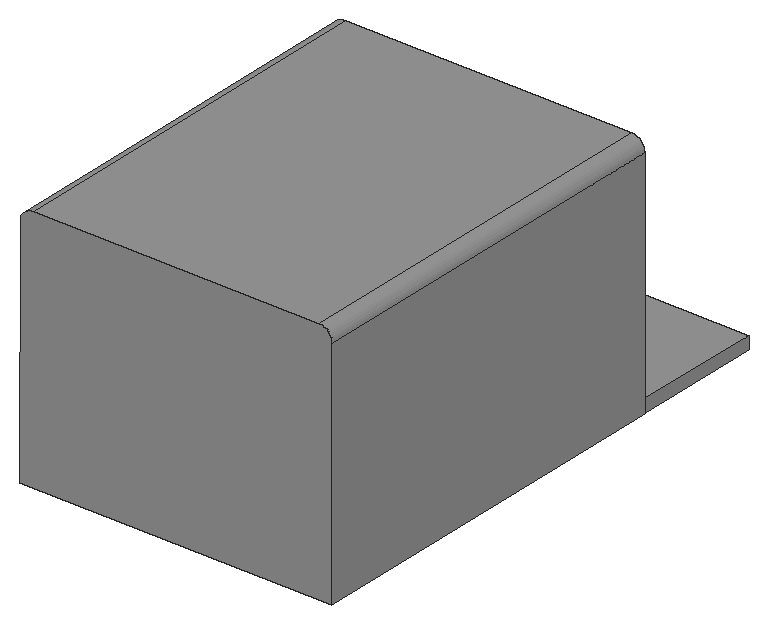
Revit family "Service_Sink-Willoughby-SS-2419-FM", category Plumbing Fixtures, Revit 2015
Parameters (values of type "2419-FM")
  Waste Connection = yes
  Vent Connection = no
  URL = "https://www.willoughby-ind.com/wp-content/uploads/2018/01/SS.pdf"
  Sink Right = 1' - 0"
  Sink Left = 1' - 0"
  SInk Size = 2' - 0"
  Revision = "A"
  Model = "SS-2419-FM"
  Manufacturer = "Willoughby Industries"
  Lav Waste DIA = 1 1/2"
  HW Connection = no
  Fixture Body = Stainless Steel AISI 304-Willoughby
  Description = "Floor Mount Service Sink"
  Default Elevation = 0' - 0"
  Contact = "(800) 428-4065"
  CW Connection = no
Reference planes (in)
  plane 1 "Center (Front/Back)": y = 0
  plane 2: z = 0
  plane 3 "Center (Left/Right)": x = 0
  plane 4 "Sink HGT": y = 30
  plane 5 "Top Of Unit": y = 20
  plane 6: x = -12
  plane 7: x = 12
  plane 8 "bottom of Basin": y = 20
  plane 9: z = 19
  plane 10: z = 1
  plane 11: y = 6
  plane 12 "Sink Drain": y = 17.5625
Forms (in)
  Extrusion 1, solid, material "Stainless Steel AISI 304-Willoughby" <- "Fixture Body"
    sketch origin (0, 20, 0) x (-1, 0, 0) y (0, 0, 1)
      loop
        line (12, 0) -> (12, 18)
        arc (12, 18) -> (11.70711, 18.70711) -> (11, 19) r 1
        line (11, 19) -> (-11, 19)
        arc (-11, 19) -> (-11.70711, 18.70711) -> (-12, 18) r 1
        line (-12, 18) -> (-12, 0) -> (12, 0)
    from -20 to 10
  Extrusion 2, solid, material "Stainless Steel AISI 304-Willoughby" <- "Fixture Body"
    sketch origin (0, 30, 0) x (-1, 0, 0) y (0, 0, 1)
      loop
        line (-12, 0) -> (12, 0) -> (12, 1) -> (-12, 1) -> (-12, 0)
    from 0 to 10
  Extrusion 3, void
    sketch origin (0, 30, 0) x (-1, 0, 0) y (0, 0, 1)
      loop
        arc (-10.5, 18) -> (-10.85355, 17.85355) -> (-11, 17.5) r 0.5
        line (-11, 17.5) -> (-11, 2.5)
        arc (-11, 2.5) -> (-10.85355, 2.14645) -> (-10.5, 2) r 0.5
        line (-10.5, 2) -> (10.5, 2)
        arc (10.5, 2) -> (10.85355, 2.14645) -> (11, 2.5) r 0.5
        line (11, 2.5) -> (11, 17.5)
        arc (11, 17.5) -> (10.85355, 17.85355) -> (10.5, 18) r 0.5
        line (10.5, 18) -> (-10.5, 18)
    from 0 to -10
  Revolve 4, solid, material "Stainless Steel AISI 304-Willoughby" <- "Fixture Body"
    sketch origin (0, 17.5625, -1) x (-1, 0, 0) y (0, 0, 1)
      loop
        line (0, 1) -> (0.75, 1) -> (0.75, 2) -> (0, 2) -> (0, 1)
      axis (0, 2) -> (0, 1)
    angle from 0 to 360
Cuts and joins
  Extrusion 3 cuts Extrusion 1
Lines and regions (in)
  symbolic lines
    curve 1: line (-12, 6, 0) -> (-12, 30, 0)
    curve 2: line (-12, 30, 0) -> (12, 30, 0)
    curve 3: line (12, 30, 0) -> (12, 6, 0)
    curve 4: line (12, 6, 0) -> (-12, 6, 0)
    curve 5: line (-12, 30, 0) -> (-12, 40, 0)
    curve 6: line (-12, 40, 0) -> (12, 40, 0)
    curve 7: line (12, 40, 0) -> (12, 30, 0)
    curve 23: line (0, 6, 0) -> (0, 30, 0)
    curve 24: line (0, 30, 0) -> (0, 30, 19)
    curve 25: line (0, 30, 19) -> (0, 6, 19)
    curve 26: line (0, 6, 19) -> (0, 6, 0)
  symbolic lines, detail levels medium+fine
    curve 8: line (-12, 17.5625, 0) -> (12, 17.5625, 0)
    curve 9: line (12, 17.5625, 0) -> (12, 17.5625, 18)
    curve 10: arc (12, 17.5625, 18) -> (11.70711, 17.5625, 18.70711) -> (11, 17.5625, 19) r 1
    curve 11: line (11, 17.5625, 19) -> (-11, 17.5625, 19)
    curve 12: arc (-11, 17.5625, 19) -> (-11.70711, 17.5625, 18.70711) -> (-12, 17.5625, 18) r 1
    curve 13: line (-12, 17.5625, 18) -> (-12, 17.5625, 0)
    curve 14: line (-12, 17.5625, 1) -> (12, 17.5625, 1)
    curve 22: arc (10.5, 17.5625, 2) -> (10.85355, 17.5625, 2.14645) -> (11, 17.5625, 2.5) r 0.5
    curve 27: line (0, 30, 0) -> (0, 40, 0)
    curve 28: line (0, 40, 0) -> (0, 40, 1)
    curve 29: line (0, 40, 1) -> (0, 30, 1)
  symbolic lines, detail levels fine
    curve 15: line (11, 17.5625, 2.5) -> (11, 17.5625, 17.5)
    curve 16: arc (11, 17.5625, 17.5) -> (10.85355, 17.5625, 17.85355) -> (10.5, 17.5625, 18) r 0.5
    curve 17: line (10.5, 17.5625, 18) -> (-10.5, 17.5625, 18)
    curve 18: arc (-10.5, 17.5625, 18) -> (-10.85355, 17.5625, 17.85355) -> (-11, 17.5625, 17.5) r 0.5
    curve 19: line (-11, 17.5625, 17.5) -> (-11, 17.5625, 2.5)
    curve 20: arc (-11, 17.5625, 2.5) -> (-10.85355, 17.5625, 2.14645) -> (-10.5, 17.5625, 2) r 0.5
    curve 21: line (-10.5, 17.5625, 2) -> (10.5, 17.5625, 2)
Dimensions and locks (in)
  plane 1 "Center (Front/Back)" to plane 4 "Sink HGT" = 2' - 6"
  plane 1 "Center (Front/Back)" to plane 5 "Top Of Unit" = 1' - 8"
  "SInk Size": plane 4 "Sink HGT" to plane 11
  "Sink Left": plane 6 to plane 3 "Center (Left/Right)"
  "Sink Right": plane 3 "Center (Left/Right)" to plane 7
  aligned and locked: plane 9 to Extrusion 1
  aligned and locked: plane 6 to Extrusion 1
  aligned and locked: Extrusion 1 to plane 7
  aligned and locked: Extrusion 1 to level
  aligned and locked: plane 4 "Sink HGT" to Extrusion 1
  aligned and locked: plane 10 to Extrusion 2
  aligned and locked: plane 6 to Extrusion 2
  aligned and locked: Extrusion 2 to level
  aligned and locked: Extrusion 2 to plane 7
  aligned and locked: Extrusion 2 to plane 4 "Sink HGT"
  aligned and locked: Extrusion 1 to Extrusion 2
  aligned and locked: Extrusion 2 to Extrusion 1
  aligned and locked: Extrusion 3 to plane 4 "Sink HGT"
  aligned and locked: plane 5 "Top Of Unit" to Extrusion 3
  aligned and locked: Revolve 4 sketch curve to Revolve 4 sketch curve  (x2)
  aligned and locked: curve 13 to curve 14
  aligned and locked: curve 14 to Extrusion 2
Automatic sketch dimensions
  curve 1 to plane 6 = 0' - 0"
  curve 3 to plane 7 = 0' - 0"
  curve 1 to plane 11 = 0' - 0"
  curve 3 to plane 4 "Sink HGT" = 0' - 0"
  curve 2 to curve 6 = 0' - 10"
  curve 23 to level = 0' - 0"
  curve 23 to plane 11 = 0' - 0"
  curve 25 to plane 4 "Sink HGT" = 0' - 0"
  curve 28 to plane 10 = 0' - 0"
  curve 24 to plane 9 = 0' - 0"
  curve 29 to curve 28 = 0' - 10"
  Extrusion 1 sketch curve to level = 0' - 0"
  plane 7 to Extrusion 1 sketch curve = 0' - 0"
  Extrusion 1 sketch curve to plane 9 = 0' - 0"
  plane 6 to Extrusion 1 sketch curve = 0' - 0"
  plane 7 to Extrusion 1 sketch curve = 0' - 1"
  Extrusion 1 sketch curve to plane 6 = 0' - 1"
  plane 7 to Extrusion 2 sketch curve = 0' - 0"
  Extrusion 2 sketch curve to level = 0' - 0"
  plane 6 to Extrusion 2 sketch curve = 0' - 0"
  Extrusion 2 sketch curve to plane 10 = 0' - 0"
  plane 7 to Extrusion 3 sketch curve = 0' - 1"
  Extrusion 3 sketch curve to Extrusion 3 sketch curve = 0' - 0 1/2"  (x3)
  Extrusion 3 sketch curve to plane 6 = 0' - 1 1/2"  (x2)
  plane 10 to Extrusion 3 sketch curve = 0' - 1"
  Extrusion 3 sketch curve to plane 9 = 0' - 1 1/2"
  Revolve 4 sketch curve to level = 0' - 0"  (x2)
  Revolve 4 sketch curve to plane 3 "Center (Left/Right)" = 0' - 0"
  Revolve 4 sketch curve to plane 10 = 0' - 0"
  Revolve 4 sketch curve to Revolve 4 sketch curve = 0' - 0 3/4"
  plane 7 to curve 10 = 0' - 0"
  curve 10 to plane 9 = 0' - 0"
  plane 6 to curve 13 = 0' - 0"
  curve 8 to level = 0' - 0"
  plane 7 to curve 11 = 0' - 1"
  plane 7 to curve 15 = 0' - 1"
  curve 10 to curve 17 = 0' - 0 1/2"
  curve 15 to curve 21 = 0' - 0 1/2"
  curve 18 to plane 6 = 0' - 1 1/2"
  curve 21 to plane 6 = 0' - 1 1/2"
  curve 18 to curve 19 = 0' - 0 1/2"
  curve 17 to curve 12 = 0' - 0 1/2"
  plane 10 to curve 21 = 0' - 1"
  curve 19 to curve 12 = 0' - 0 1/2"
Connectors (in)
  piping at (0, 17.5625, 0), diameter 1.5, driven by "Lav Waste DIA", driven by "Waste Connection"
    settings: on Revolve 4, index 1, connector inside diameter 24", connector length 0' - 0", flow factor 0, pipe flow 0 GPM, pressure drop 0.00 psi, fitting loss kfactor 0, connector angle 0.00°, fixture units 0, engagement length 0' - 0", angle of deflection 0.00°, flow configuration 0, flow direction 2, fitting loss method 0, system type 16, joint type 0, gender type 0, connector reference index -1, connector utility 1, adjustable connector no, is connector primary yes, connector description "Sink Waste"
